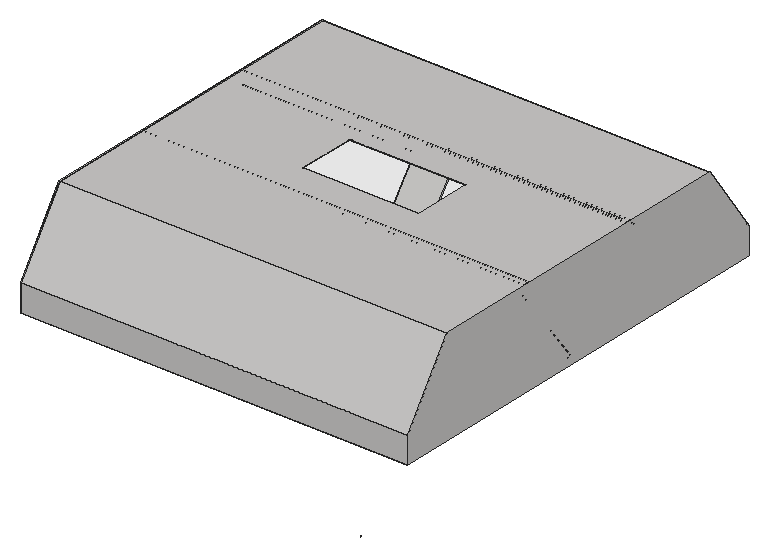
Revit family "QF_ELECTROLUXPROFESSIONAL_642369_BC2220DT", category Attrezzature speciali, Revit 2021
Family settings
  Quota connettore circolare = Usa diametro
  Tipo di parte = Normale
  Basato su piano di lavoro = No
  Sempre verticale = Sì
  Taglio con vuoti quando caricato = No
  Condiviso = No
  Punto di calcolo locali = No
Parameters (values of type "Standard")
  Weight = 76.00 kg
  Watts = 0 W
  Volts = 0 V
  URL Manufacturer = "https://www.electroluxprofessional.com/"
  URL = "https://www.electroluxprofessional.com/"
  Steam Supply Size = 0 mm
  Steam Supply Minimum Pressure = 0.0 Pa
  Steam Supply Maximum Pressure = 0.0 Pa
  Steam Consumption per Hour = 0
  Refrigeration Suction Line Size = 0 mm
  Refrigeration Liquid Line Size = 0 mm
  Refrigerant Compressor Remote = yes
  Prospetto di default = 0 mm
  Produttore = "Electrolux Professional"
  Phase = 0
  Modello = "BC2220DT"
  Length Actual = 2000 mm  # constant formula
  Item Number = "642369"
  Hot Water Size = 0 mm
  Height Actual = 500 mm  # constant formula
  HP = "0 HP"
  Gas Size = 0 mm
  Gas KW = 0
  Gas Input Pressure = 0 W
  Direct Waste Size = 0 mm
  Descrizione = "304 S/S ISLAND HOOD+FILTERS 2000X2200MM"
  Depth Actual = 2200 mm  # constant formula
  Cycle = 0 Hz
  Condensate Return Size = 0 mm
  Compressed Air Volume = 0.0 L/s
  Compressed Air Size = 0 mm
  Compressed Air Pressure = 0.0 Pa
  Cold Water Size = 0 mm
  Accessory = yes
Reference planes
  plane 1: z = 0
  plane 2 "Center (Left/Right)": x = 150
  plane 3 "LEFT": x = -850
  plane 4 "RIGHT": x = 1150
  plane 5 "BACK": y = 550
  plane 6 "TOP": z = 2500
  plane 7 "Base": z = 2000
  plane 8: z = 1946
  plane 9: x = -847
  plane 10 "DrainX": x = 999
  plane 11 "AOLeft2": x = 450
  plane 12: x = 1147
  plane 13: x = -650
  plane 14: x = 950
  plane 15: x = 50
  plane 16: x = 250
  plane 17 "AOLeft1": x = -150
  plane 18: y = -400
  plane 19: y = -700
  plane 20 "Center (Front/Back)": y = -550
  plane 21: y = -1650
  plane 22: through (0, -601.379, 2046.209) normal (0, 0.8019, 0.5974)
  plane 23: through (0, -498.621, 2046.209) normal (0, 0.8019, -0.5974)
  plane 24: z = 2140
Forms (mm)
  Extrusion 1, solid, material "QF_Finishes_Stainless Steel"
    sketch origin (-850, 0, 360) x (0, 1, 0) y (0, 0, 1)
      loop
        line (550, 1640) -> (550, 1780) -> (299.446, 2140) -> (-1399.446, 2140) -> (-1650, 1780) -> (-1650, 1640) -> (550, 1640)
    from 0 to 3
  Extrusion 2, solid, material "QF_Finishes_Stainless Steel"
    sketch origin (1150, 0, 360) x (0, 1, 0) y (0, 0, 1)
      loop
        line (550, 1640) -> (550, 1780) -> (299.446, 2140) -> (-1399.446, 2140) -> (-1650, 1780) -> (-1650, 1640) -> (550, 1640)
    from 0 to -3
  Extrusion 3, solid, material "QF_Finishes_Stainless Steel"
    sketch origin (150, 0, 360) x (0, 1, 0) y (0, 0, 1)
      loop
        line (-1399.446, 2140) -> (-1650, 1780) -> (-1650, 1640) -> (-1640, 1640) -> (-1640, 1640.8) -> (-1649.2, 1640.8) -> (-1649.2, 1779.739) -> (-1399.025, 2139.19) -> (299.025, 2139.19) -> (549.2, 1779.739) -> (549.2, 1640.8) -> (540, 1640.8) -> (540, 1640) -> (550, 1640) -> (550, 1780) -> (299.446, 2140) -> (-1399.446, 2140)
    from -1000 to 1000
  Extrusion 4, void
    sketch origin (0, 0, 2500) x (0, 1, 0) y (-1, 0, 0)
      loop
        line (-400, -450) -> (-400, 150) -> (-700, 150) -> (-700, -450) -> (-400, -450)
    from 0 to -10
  Extrusion 5, solid, material "QF_Finishes_Stainless Steel"
    sketch origin (0, 0, 0) x (1, 0, 0) y (0, 1, 0)
      loop
        line (-850, 550) -> (-850, 549) -> (-849, 549) -> (-849, 550) -> (-850, 550)
    from 0 to 1
  Extrusion 6, solid, material "QF_Finishes_Stainless Steel"
    sketch origin (150, -400, 360) x (0, 1, 0) y (0, 0, 1)
      loop
        line (-498.883, 2085.553) -> (-201.379, 1686.209) -> (-185.34, 1698.157) -> (-482.844, 2097.501) -> (-498.883, 2085.553)
      loop
        line (198.883, 2085.553) -> (182.844, 2097.501) -> (-114.66, 1698.157) -> (-98.621, 1686.209) -> (198.883, 2085.553)
    from -800 to -997
  Extrusion 7, solid, material "QF_Finishes_Stainless Steel"
    sketch origin (150, -400, 360) x (0, 1, 0) y (0, 0, 1)
      loop
        arc (-83.944, 1704.554) -> (-84.545, 1704.706) -> (-85.077, 1704.389) r 0.81
        line (-85.077, 1704.389) -> (-99.535, 1684.991) -> (-116.611, 1687.002) -> (-113.609, 1712.615) -> (-114.407, 1712.708) -> (-117.406, 1687.095)
        arc (-117.406, 1687.095) -> (-117.237, 1686.499) -> (-116.695, 1686.197) r 0.81
        line (-116.695, 1686.197) -> (-99.628, 1684.196)
        arc (-99.628, 1684.196) -> (-99.213, 1684.257) -> (-98.884, 1684.517) r 0.81
        line (-98.884, 1684.517) -> (-84.436, 1703.911) -> (-73.692, 1695.919) -> (-99.855, 1660.79) -> (-200.145, 1660.79) -> (-226.308, 1695.919) -> (-215.564, 1703.911) -> (-201.116, 1684.517)
        arc (-201.116, 1684.517) -> (-200.787, 1684.257) -> (-200.372, 1684.196) r 0.81
        line (-200.372, 1684.196) -> (-183.305, 1686.197)
        arc (-183.305, 1686.197) -> (-182.763, 1686.499) -> (-182.594, 1687.095) r 0.81
        line (-182.594, 1687.095) -> (-185.593, 1712.708) -> (-186.391, 1712.615) -> (-183.389, 1687.002) -> (-200.465, 1684.991) -> (-214.923, 1704.389)
        arc (-214.923, 1704.389) -> (-215.455, 1704.706) -> (-216.056, 1704.554) r 0.81
        line (-216.056, 1704.554) -> (-226.786, 1696.561)
        arc (-226.786, 1696.561) -> (-227.103, 1696.028) -> (-226.951, 1695.427) r 0.81
        line (-226.951, 1695.427) -> (-200.843, 1660.381)
        arc (-200.843, 1660.381) -> (-200.5, 1660.093) -> (-200.063, 1659.99) r 0.972
        line (-200.063, 1659.99) -> (-99.951, 1659.99)
        arc (-99.951, 1659.99) -> (-99.502, 1660.096) -> (-99.149, 1660.393) r 1
        line (-99.149, 1660.393) -> (-73.049, 1695.427)
        arc (-73.049, 1695.427) -> (-72.897, 1696.028) -> (-73.214, 1696.561) r 0.81
        line (-73.214, 1696.561) -> (-83.944, 1704.554)
      loop
        line (-492.735, 2139.19) -> (-492.735, 2129.205) -> (-517.587, 2110.686)
        arc (-517.587, 2110.686) -> (-517.904, 2110.153) -> (-517.752, 2109.552) r 0.81
        line (-517.752, 2109.552) -> (-484.894, 2065.446) -> (-495.625, 2057.438) -> (-495.147, 2056.796) -> (-484.418, 2064.79)
        arc (-484.418, 2064.79) -> (-484.1, 2065.322) -> (-484.252, 2065.923) r 0.81
        line (-484.252, 2065.923) -> (-517.117, 2110.038) -> (-491.935, 2128.798) -> (-491.935, 2138.4) -> (-462.776, 2138.4) -> (-462.776, 2070.563) -> (-461.976, 2069.49) -> (-461.976, 2139.19) -> (-492.735, 2139.19)
      loop
        line (192.735, 2139.19) -> (161.976, 2139.19) -> (161.976, 2069.49) -> (162.776, 2070.563) -> (162.776, 2138.4) -> (191.935, 2138.4) -> (191.935, 2128.798) -> (217.117, 2110.038) -> (184.252, 2065.923)
        arc (184.252, 2065.923) -> (184.1, 2065.322) -> (184.418, 2064.79) r 0.81
        line (184.418, 2064.79) -> (195.147, 2056.796) -> (195.625, 2057.438) -> (184.894, 2065.446) -> (217.752, 2109.552)
        arc (217.752, 2109.552) -> (217.904, 2110.153) -> (217.587, 2110.686) r 0.81
        line (217.587, 2110.686) -> (192.735, 2129.205) -> (192.735, 2139.19)
    from -997 to 997
  Extrusion 8, solid, material "QF_Finishes_Stainless Steel"
    sketch origin (150, -400, 360) x (0, 1, 0) y (0, 0, 1)
      loop
        line (-498.883, 2085.553) -> (-201.379, 1686.209) -> (-185.34, 1698.157) -> (-482.844, 2097.501) -> (-498.883, 2085.553)
      loop
        line (198.883, 2085.553) -> (182.844, 2097.501) -> (-114.66, 1698.157) -> (-98.621, 1686.209) -> (198.883, 2085.553)
    from 997 to 800
  Extrusion 9, solid, material "QF_Finishes_Stainless Steel"
    sketch origin (150, -400, 360) x (0, 1, 0) y (0, 0, 1)
      loop
        line (-498.883, 2085.553) -> (-201.379, 1686.209) -> (-185.34, 1698.157) -> (-482.844, 2097.501) -> (-498.883, 2085.553)
      loop
        line (198.883, 2085.553) -> (182.844, 2097.501) -> (-114.66, 1698.157) -> (-98.621, 1686.209) -> (198.883, 2085.553)
    from -100 to 100
  Extrusion 10, solid, material "QF_Finished_Chrome"
    sketch origin (150, -400, 360) x (0, 1, 0) y (0, 0, 1)
      loop
        line (-498.883, 2085.553) -> (-201.379, 1686.209) -> (-185.34, 1698.157) -> (-482.844, 2097.501) -> (-498.883, 2085.553)
      loop
        line (198.883, 2085.553) -> (182.844, 2097.501) -> (-114.66, 1698.157) -> (-98.621, 1686.209) -> (198.883, 2085.553)
    from -800 to -100
  Extrusion 11, solid, material "QF_Finished_Chrome"
    sketch origin (150, -400, 360) x (0, 1, 0) y (0, 0, 1)
      loop
        line (-498.883, 2085.553) -> (-201.379, 1686.209) -> (-185.34, 1698.157) -> (-482.844, 2097.501) -> (-498.883, 2085.553)
      loop
        line (198.883, 2085.553) -> (182.844, 2097.501) -> (-114.66, 1698.157) -> (-98.621, 1686.209) -> (198.883, 2085.553)
    from 100 to 800
  Sweep 12, solid, material "QF_Finishes_Stainless Steel"
    path origin (0, 0, 0) x (1, 0, 0) y (0, 1, 0)
      loop
        line (1150, 550) -> (-850, 550) -> (-850, -1650) -> (1150, -1650) -> (1150, 550)
    profile origin (1150, -550, 0) x (1, 0, 0) y (0, 0, 1)
      loop
        line (-3, 2000) -> (-3, 2000.8) -> (-19, 2000.8) -> (-19, 2010) -> (-20, 2010) -> (-20, 2000) -> (-3, 2000)
  Extrusion 13, solid, material "QF_Finishes_Stainless Steel"
    sketch origin (999, 0, 0) x (0, 1, 0) y (0, 0, 1)
      loop
        arc (-518.5, 1946) -> (-511.429, 1948.929) -> (-508.5, 1956) r 10
        line (-508.5, 1956) -> (-508.5, 2000.8) -> (-591.5, 2000.8) -> (-591.5, 1956)
        arc (-591.5, 1956) -> (-588.571, 1948.929) -> (-581.5, 1946) r 10
        line (-581.5, 1946) -> (-518.5, 1946)
    from -90 to 90
  Extrusion 14, solid, material "QF_Finishes_Stainless Steel"
    sketch origin (0, -1100, 2000) x (0, 1, 0) y (-1, 0, 0)
      loop
        circle (550, -999) r 6.35
    from -3.799 to 0
Cuts and joins
  Extrusion 4 cuts Extrusion 3
  joined: Extrusion 2, Extrusion 3, Sweep 12
Lines and regions (mm)
  symbolic lines, style "SpecialityEquipment", detail levels coarse
    curve 1: line (1150, 550, 2500) -> (-850, 550, 2500)
    curve 2: line (-850, 550, 2500) -> (-850, -1650, 2500)
    curve 3: line (1150, -1650, 2500) -> (1150, 550, 2500)
    curve 4: line (-850, 299.025, 0) -> (1149.504, -1399.025, 0)
    curve 5: line (1149.568, 299.025, 0) -> (-850, -1399.025, 0)
  symbolic lines, detail levels coarse
    curve 6: line (-150, -700, 0) -> (450, -700, 0)
    curve 7: line (-150, -400, 0) -> (-150, -700, 0)
    curve 8: line (450, -400, 0) -> (-150, -400, 0)
    curve 9: line (450, -700, 0) -> (450, -400, 0)
    curve 10: line (-850, 299.025, 0) -> (1149.568, 299.025, 0)
    curve 11: line (1149.504, -1399.025, 0) -> (-850, -1399.025, 0)
    curve 12: line (-850, -1650, 0) -> (1150, -1650, 0)
Dimensions and locks
  plane 3 "LEFT" to plane 4 "RIGHT" = 2000 mm
  equal spacing: plane 3 "LEFT", plane 2 "Center (Left/Right)", plane 4 "RIGHT"
  plane 3 "LEFT" to plane 9 = 3 mm
  plane 10 "DrainX" to plane 4 "RIGHT" = 151 mm
  plane 12 to plane 4 "RIGHT" = 3 mm
  plane 3 "LEFT" to plane 13 = 200 mm
  plane 14 to plane 4 "RIGHT" = 200 mm
  locked: plane 7 "Base" to level at 2000
  locked: plane 15 to plane 16 at 200
  equal spacing: plane 15, plane 2 "Center (Left/Right)", plane 16
  plane 7 "Base" to plane 8 = 54 mm
  locked: plane 6 "TOP" to plane 7 "Base" at 500
  plane 5 "BACK" to plane 21 = 2200 mm  (x2)
  equal spacing: plane 5 "BACK", plane 20 "Center (Front/Back)", plane 21
  plane 19 to plane 18 = 300 mm
  equal spacing: plane 19, plane 20 "Center (Front/Back)", plane 18
  plane 24 to plane 7 "Base" = 140 mm
  locked: plane 17 "AOLeft1" to plane 11 "AOLeft2" at 600
  aligned and locked: level to plane 1
  aligned and locked: plane 4 "RIGHT" to Extrusion 3
  aligned and locked: Extrusion 3 to plane 3 "LEFT"
  aligned and locked: Extrusion 6 to plane 9
  aligned and locked: plane 13 to Extrusion 6
  aligned and locked: Extrusion 2 to plane 12
  aligned and locked: plane 12 to Extrusion 8
  aligned and locked: Extrusion 8 to plane 14
  aligned and locked: plane 16 to Extrusion 9
  aligned and locked: Extrusion 9 to plane 15
  aligned and locked: plane 15 to Extrusion 10
  aligned and locked: Extrusion 10 to plane 13
  aligned and locked: Extrusion 11 to plane 16
  aligned and locked: Extrusion 11 to plane 14
  aligned and locked: Extrusion 7 to plane 9
  aligned and locked: plane 12 to Extrusion 7
  aligned and locked: Extrusion 4 to plane 17 "AOLeft1"
  aligned and locked: Extrusion 4 to plane 11 "AOLeft2"
  aligned and locked: plane 19 to Extrusion 4
  aligned and locked: plane 18 to Extrusion 4
Automatic sketch dimensions
  Extrusion 4 sketch curve to plane 11 "AOLeft2" = 0 mm
  Extrusion 4 sketch curve to plane 17 "AOLeft1" = 0 mm
  Extrusion 5 sketch curve to plane 3 "LEFT" = 0 mm
  Extrusion 5 sketch curve to plane 5 "BACK" = 0 mm
  plane 3 "LEFT" to Extrusion 5 sketch curve = 1 mm
  Extrusion 5 sketch curve to Extrusion 5 sketch curve = 1 mm
  Sweep 12 sketch curve to plane 3 "LEFT" = 0 mm
  Sweep 12 sketch curve to plane 4 "RIGHT" = 0 mm
  Sweep 12 sketch curve to plane 5 "BACK" = 0 mm
  profile plane to Sweep 12 sketch curve = 20 mm
  Sweep 12 sketch curve to Sweep 12 sketch curve = 1 mm
  profile plane to Sweep 12 sketch curve = 3 mm
  level to Sweep 12 sketch curve = 2000 mm
  Sweep 12 sketch curve to Sweep 12 sketch curve = 0.8 mm
  Sweep 12 sketch curve to Sweep 12 sketch curve = 9.2 mm
  plane 19 to Extrusion 2 sketch curve = 699.446 mm
  plane 19 to Sweep 12 sketch curve = 950 mm
  plane 19 to Extrusion 4 sketch curve = 0 mm
  Extrusion 4 sketch curve to plane 18 = 0 mm
  Extrusion 14 sketch curve to plane 10 "DrainX" = 0 mm
  Extrusion 14 sketch curve to plane 20 "Center (Front/Back)" = 0 mm
  Extrusion 13 sketch curve to plane 8 = 0 mm
  plane 8 to Extrusion 13 sketch curve = 10 mm
  Extrusion 13 sketch curve to plane 20 "Center (Front/Back)" = 41.5 mm
  plane 20 "Center (Front/Back)" to Extrusion 13 sketch curve = 31.5 mm
  plane 7 "Base" to Extrusion 13 sketch curve = 0.8 mm
  plane 20 "Center (Front/Back)" to Extrusion 13 sketch curve = 41.5 mm
  plane 19 to Extrusion 6 sketch curve = 198.883 mm
  Extrusion 6 sketch curve to plane 6 "TOP" = 42.499 mm  (x2)
  Extrusion 6 sketch curve to Extrusion 6 sketch curve = 16.039 mm  (x2)
  Extrusion 6 sketch curve to plane 20 "Center (Front/Back)" = 51.379 mm
  plane 20 "Center (Front/Back)" to Extrusion 6 sketch curve = 35.34 mm
  plane 18 to Extrusion 6 sketch curve = 182.844 mm
  Extrusion 6 sketch curve to Extrusion 6 sketch curve = 11.948 mm  (x2)
  Extrusion 7 sketch curve to plane 6 "TOP" = 30.448 mm  (x2)
  plane 19 to Extrusion 7 sketch curve = 217.752 mm
  Extrusion 7 sketch curve to plane 6 "TOP" = 29.314 mm  (x2)
  Extrusion 7 sketch curve to Extrusion 7 sketch curve = 0.166 mm  (x3)
  Extrusion 7 sketch curve to plane 6 "TOP" = 29.962 mm  (x2)
  Extrusion 7 sketch curve to Extrusion 7 sketch curve = 0.47 mm  (x2)
  Extrusion 7 sketch curve to Extrusion 7 sketch curve = 0.014 mm  (x2)
  Extrusion 7 sketch curve to plane 6 "TOP" = 82.562 mm  (x2)
  Extrusion 7 sketch curve to Extrusion 7 sketch curve = 22.127 mm
  Extrusion 7 sketch curve to plane 6 "TOP" = 83.204 mm  (x2)
  Extrusion 7 sketch curve to Extrusion 7 sketch curve = 0.478 mm  (x5)
  Extrusion 7 sketch curve to plane 6 "TOP" = 0.81 mm  (x2)
  Extrusion 7 sketch curve to Extrusion 7 sketch curve = 24.852 mm
  Extrusion 7 sketch curve to Extrusion 7 sketch curve = 0.8 mm  (x5)
  Extrusion 7 sketch curve to Extrusion 7 sketch curve = 10.724 mm
  Extrusion 7 sketch curve to plane 6 "TOP" = 74.554 mm  (x2)
  Extrusion 7 sketch curve to Extrusion 7 sketch curve = 0.008 mm  (x6)
  Extrusion 7 sketch curve to plane 6 "TOP" = 75.21 mm  (x2)
  Extrusion 7 sketch curve to plane 6 "TOP" = 74.077 mm  (x2)
  Extrusion 7 sketch curve to Extrusion 7 sketch curve = 0.642 mm  (x2)
  Extrusion 7 sketch curve to plane 6 "TOP" = 69.437 mm  (x2)
  Extrusion 7 sketch curve to Extrusion 7 sketch curve = 21.476 mm  (x2)
  Extrusion 7 sketch curve to plane 19 = 73.049 mm
  Extrusion 7 sketch curve to Extrusion 7 sketch curve = 0.006 mm  (x4)
  Extrusion 7 sketch curve to Extrusion 7 sketch curve = 10.73 mm  (x3)
  Extrusion 7 sketch curve to Extrusion 7 sketch curve = 0.484 mm  (x4)
  Extrusion 7 sketch curve to Extrusion 7 sketch curve = 0.641 mm  (x2)
  Extrusion 7 sketch curve to Extrusion 7 sketch curve = 14.448 mm
  plane 7 "Base" to Extrusion 7 sketch curve = 20.381 mm
  Extrusion 7 sketch curve to Extrusion 7 sketch curve = 0.273 mm
  Extrusion 7 sketch curve to Extrusion 7 sketch curve = 0.65 mm  (x2)
  Extrusion 7 sketch curve to Extrusion 7 sketch curve = 0.001 mm  (x4)
  Extrusion 7 sketch curve to Extrusion 7 sketch curve = 0.093 mm  (x2)
  plane 7 "Base" to Extrusion 7 sketch curve = 20.79 mm
  Extrusion 7 sketch curve to Extrusion 7 sketch curve = 0.698 mm
  Extrusion 7 sketch curve to Extrusion 7 sketch curve = 0.081 mm
  Extrusion 7 sketch curve to Extrusion 7 sketch curve = 28.531 mm
  Extrusion 7 sketch curve to Extrusion 7 sketch curve = 0.799 mm  (x2)
  Extrusion 7 sketch curve to Extrusion 7 sketch curve = 17.067 mm  (x2)
  Extrusion 7 sketch curve to Extrusion 7 sketch curve = 0.01 mm  (x4)
  Extrusion 7 sketch curve to Extrusion 7 sketch curve = 0.094 mm
  Extrusion 7 sketch curve to Extrusion 7 sketch curve = 0.795 mm  (x2)
  plane 20 "Center (Front/Back)" to Extrusion 7 sketch curve = 32.594 mm
  Extrusion 7 sketch curve to Extrusion 7 sketch curve = 0.71 mm
  Extrusion 7 sketch curve to Extrusion 7 sketch curve = 2.998 mm
  Extrusion 7 sketch curve to Extrusion 7 sketch curve = 16.745 mm
  Extrusion 7 sketch curve to Extrusion 7 sketch curve = 0.095 mm
  plane 7 "Base" to Extrusion 7 sketch curve = 20.393 mm
  Extrusion 7 sketch curve to Extrusion 7 sketch curve = 0.707 mm
  Extrusion 7 sketch curve to Extrusion 7 sketch curve = 0.651 mm
  Extrusion 7 sketch curve to Extrusion 7 sketch curve = 14.456 mm
  Extrusion 7 sketch curve to plane 6 "TOP" = 70.51 mm  (x2)
  plane 18 to Extrusion 7 sketch curve = 161.976 mm
  Extrusion 7 sketch curve to plane 6 "TOP" = 1.6 mm
  Extrusion 7 sketch curve to Extrusion 7 sketch curve = 29.159 mm
  Extrusion 7 sketch curve to Extrusion 7 sketch curve = 24.368 mm
  Extrusion 7 sketch curve to Extrusion 7 sketch curve = 0.636 mm
  Extrusion 7 sketch curve to Extrusion 7 sketch curve = 23.206 mm
  Extrusion 7 sketch curve to Extrusion 7 sketch curve = 23.234 mm
  Extrusion 7 sketch curve to Extrusion 7 sketch curve = 0.321 mm  (x2)
  Extrusion 7 sketch curve to Extrusion 7 sketch curve = 2.001 mm  (x2)
  Extrusion 7 sketch curve to Extrusion 7 sketch curve = 0.804 mm  (x2)
  Extrusion 7 sketch curve to Extrusion 7 sketch curve = 10.911 mm  (x2)
  Extrusion 7 sketch curve to Extrusion 7 sketch curve = 7.993 mm  (x2)
  Extrusion 7 sketch curve to Extrusion 7 sketch curve = 25.613 mm  (x2)
  Extrusion 7 sketch curve to Extrusion 7 sketch curve = 0.407 mm  (x2)
  Extrusion 7 sketch curve to Extrusion 7 sketch curve = 0.79 mm
  Extrusion 3 sketch curve to plane 7 "Base" = 0 mm  (x2)
  Extrusion 3 sketch curve to plane 21 = 0 mm
  Extrusion 3 sketch curve to plane 5 "BACK" = 0 mm
  plane 21 to Extrusion 3 sketch curve = 0.8 mm
  plane 7 "Base" to Extrusion 3 sketch curve = 0.8 mm  (x2)
  Extrusion 3 sketch curve to Extrusion 3 sketch curve = 9.2 mm
  plane 21 to Extrusion 3 sketch curve = 250.554 mm
  Extrusion 3 sketch curve to Extrusion 3 sketch curve = 0.421 mm  (x2)
  Extrusion 3 sketch curve to plane 6 "TOP" = 0.81 mm
  Extrusion 3 sketch curve to plane 5 "BACK" = 250.975 mm
  Extrusion 3 sketch curve to plane 5 "BACK" = 10 mm
  Extrusion 3 sketch curve to plane 5 "BACK" = 0.8 mm
  Extrusion 3 sketch curve to Extrusion 3 sketch curve = 138.939 mm  (x2)
  Extrusion 3 sketch curve to Extrusion 3 sketch curve = 0.261 mm  (x2)
  Extrusion 3 sketch curve to plane 6 "TOP" = 0 mm
  Extrusion 1 sketch curve to plane 7 "Base" = 0 mm
  Extrusion 1 sketch curve to plane 21 = 0 mm
  Extrusion 1 sketch curve to plane 6 "TOP" = 0 mm
  Extrusion 1 sketch curve to plane 5 "BACK" = 0 mm
  Extrusion 1 sketch curve to plane 5 "BACK" = 250.554 mm
  plane 7 "Base" to Extrusion 1 sketch curve = 140 mm
  Extrusion 1 sketch curve to Extrusion 1 sketch curve = 140 mm
  plane 21 to Extrusion 1 sketch curve = 250.554 mm
  Extrusion 2 sketch curve to plane 5 "BACK" = 250.554 mm
  plane 7 "Base" to Extrusion 2 sketch curve = 140 mm  (x2)
  Extrusion 2 sketch curve to plane 7 "Base" = 0 mm
  plane 21 to Extrusion 2 sketch curve = 0 mm
  Extrusion 2 sketch curve to plane 6 "TOP" = 0 mm
  Extrusion 2 sketch curve to plane 5 "BACK" = 0 mm
  plane 19 to Extrusion 10 sketch curve = 198.883 mm
  Extrusion 10 sketch curve to plane 6 "TOP" = 42.499 mm  (x2)
  Extrusion 10 sketch curve to Extrusion 10 sketch curve = 16.039 mm  (x2)
  Extrusion 10 sketch curve to plane 20 "Center (Front/Back)" = 51.379 mm
  plane 20 "Center (Front/Back)" to Extrusion 10 sketch curve = 35.34 mm
  plane 18 to Extrusion 10 sketch curve = 182.844 mm
  Extrusion 10 sketch curve to Extrusion 10 sketch curve = 11.948 mm  (x2)
  plane 19 to Extrusion 9 sketch curve = 198.883 mm
  Extrusion 9 sketch curve to plane 6 "TOP" = 42.499 mm  (x2)
  Extrusion 9 sketch curve to Extrusion 9 sketch curve = 16.039 mm  (x2)
  Extrusion 9 sketch curve to plane 20 "Center (Front/Back)" = 51.379 mm
  plane 20 "Center (Front/Back)" to Extrusion 9 sketch curve = 35.34 mm
  plane 18 to Extrusion 9 sketch curve = 182.844 mm
  Extrusion 9 sketch curve to Extrusion 9 sketch curve = 11.948 mm  (x2)
  plane 19 to Extrusion 11 sketch curve = 198.883 mm
  Extrusion 11 sketch curve to plane 6 "TOP" = 42.499 mm  (x2)
  Extrusion 11 sketch curve to Extrusion 11 sketch curve = 16.039 mm  (x2)
  Extrusion 11 sketch curve to plane 20 "Center (Front/Back)" = 51.379 mm
  plane 20 "Center (Front/Back)" to Extrusion 11 sketch curve = 35.34 mm
  plane 18 to Extrusion 11 sketch curve = 182.844 mm
  Extrusion 11 sketch curve to Extrusion 11 sketch curve = 11.948 mm  (x2)
  plane 19 to Extrusion 8 sketch curve = 198.883 mm
  Extrusion 8 sketch curve to plane 6 "TOP" = 42.499 mm  (x2)
  Extrusion 8 sketch curve to Extrusion 8 sketch curve = 16.039 mm  (x2)
  Extrusion 8 sketch curve to plane 20 "Center (Front/Back)" = 51.379 mm
  plane 20 "Center (Front/Back)" to Extrusion 8 sketch curve = 35.34 mm
  plane 18 to Extrusion 8 sketch curve = 182.844 mm
  Extrusion 8 sketch curve to Extrusion 8 sketch curve = 11.948 mm  (x2)
  curve 2 to plane 3 "LEFT" = 0 mm
  curve 2 to plane 21 = 0 mm
  curve 3 to plane 4 "RIGHT" = 0 mm
  curve 2 to plane 5 "BACK" = 0 mm
  plane 21 to curve 3 = 0 mm
  curve 12 to plane 3 "LEFT" = 0 mm
  curve 11 to plane 3 "LEFT" = 0 mm
  curve 10 to plane 3 "LEFT" = 0 mm
  curve 6 to plane 17 "AOLeft1" = 0 mm
  curve 9 to plane 11 "AOLeft2" = 0 mm
  curve 12 to plane 4 "RIGHT" = 0 mm
  curve 12 to plane 21 = 0 mm
  plane 19 to curve 6 = 0 mm
  curve 9 to plane 18 = 0 mm
  curve 11 to plane 4 "RIGHT" = 0.496 mm
  curve 5 to plane 4 "RIGHT" = 0.432 mm
  plane 21 to curve 4 = 250.975 mm
  curve 10 to plane 5 "BACK" = 250.975 mm
  radius of Extrusion 14 sketch curve = 6.35 mm
Connectors
  hvac at (150, -550, 2500)
    settings: on Extrusion 4, index 2, duct flow 0.0 L/s, flow factor 0, pres drop 0.0 Pa, loss coef 0, conn angle 0.00°, conn width 300 mm, conn height 0 mm, conn diameter 609.6 mm, duct sys type 3, conn prof type 1, flow config 1, flow direction 2, loss method 0, conn ref index -1, conn util no, is conn primary yes, conn desc "EXHAUST OUTLET"
  piping at (999, -550, 1996.201), diameter 12.7
    settings: on Extrusion 14, index 4, connector inside diameter 609.6 mm, connector length 0 mm, flow factor 0, pipe flow 0.0 L/s, pressure drop 0.0 Pa, fitting loss kfactor 0, connector angle 0.00°, fixture units 0, engagement length 0 mm, angle of deflection 0.00°, flow configuration 1, flow direction 2, fitting loss method 0, system type 16, joint type 0, gender type 0, connector reference index -1, connector utility 0, adjustable connector no, is connector primary yes, connector description "Drain"
